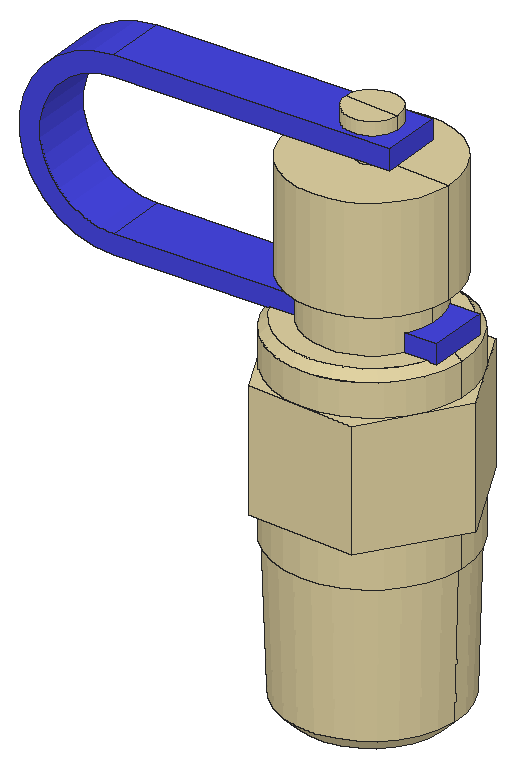
Revit family "HA00751008", category Apparecchi idraulici, Revit 2020
Family settings
  Quota connettore circolare = Usa diametro
  Tipo di parte = Normale
  Numero OmniClass = 23.45.00.00
  Titolo OmniClass = Sanitary, Laundry, and Cleaning Equipment
  Basato su piano di lavoro = No
  Sempre verticale = Sì
  Taglio con vuoti quando caricato = No
  Condiviso = No
  Punto di calcolo locali = No
Parameters
  URL = "https://web.cimberio.com/index.php/figura/640?subcategoria_id="
  Temperatura di esercizio = "-10 ÷ 120°C"
  Prospetto di default = 0 mm
  Produttore = "CIMBERIO SPA"
  Pressione nominale = "PN 25"
  Modello = "Cim 723"
  Materiale = "Prodotto in lega di ottone conforme alla norma EN 12165-CW617N-DW"
  Descrizione = "Utilizzato nei più svariati settori dell'impiantistica: impianti di riscaldamento, condizionamento, idrici, igienico-sanitari e in generale con ogni fluido non corrosivo"
  DN [instance] = 6.4 mm
  Commenti sul tipo = "Realizzato in ottemperanza ai requisiti gestionali della norma EN ISO 9001.\r\nCollaudato al 100% secondo la normativa EN 12266-1"
Reference planes
  plane 1 "Centro (Fronte/Retro)": y = 0
  plane 2: z = 0
  plane 3 "Centro (Sinistra/Destra)": x = 0
Forms (mm)
  Revolve 1, solid, material "Cim_Lega di ottone gialla filetto"
    sketch origin (0, 0, 0) x (1, 0, 0) y (0, 0, 1)
      loop
        line (0, 12) -> (-6.802, 12) -> (-6.452, 1.054) -> (-5.418, 0) -> (0, 0) -> (0, 12)
      axis (0, 12) -> (0, 0)
    angle from 0 to 360
  Revolve 2, solid, material "Cim_Lega di ottone gialla"
    sketch origin (0, 0, 0) x (1, 0, 0) y (0, 0, 1)
      loop
        line (-7, 15) -> (-7, 12) -> (0, 12) -> (0, 15) -> (-7, 15)
      axis (0, 15) -> (0, 12)
    angle from 0 to 360
  Extrusion 3, solid, material "Cim_Lega di ottone gialla"
    sketch origin (0, 0, 0) x (1, 0, 0) y (0, 1, 0)
      loop
        line (8.1, 0) -> (4.05, 7.015) -> (-4.05, 7.015) -> (-8.1, 0) -> (-4.05, -7.015) -> (4.05, -7.015) -> (8.1, 0)
    from 15 to 24
  Revolve 4, solid, material "Cim_Lega di ottone gialla"
    sketch origin (0, 0, 0) x (1, 0, 0) y (0, 0, 1)
      loop
        line (-7, 26.5) -> (-7, 24) -> (0, 24) -> (0, 27.142) -> (-6.358, 27.142) -> (-7, 26.5)
      axis (0, 27.142) -> (0, 24)
    angle from 0 to 360
  Revolve 5, solid, material "Cim_Lega di ottone gialla filetto"
    sketch origin (0, 0, 0) x (1, 0, 0) y (0, 0, 1)
      loop
        line (-4.755, 27.142) -> (0, 27.142) -> (0, 30.5) -> (-4.755, 30.5) -> (-4.755, 27.142)
      axis (0, 30.5) -> (0, 27.142)
    angle from 0 to 360
  Revolve 6, solid, material "Cim_Lega di ottone gialla filetto(1)"
    sketch origin (0, 0, 0) x (1, 0, 0) y (0, 0, 1)
      loop
        line (0, 38.5) -> (-6, 38.5) -> (-5.995, 30.5) -> (0, 30.5) -> (0, 38.5)
      axis (0, 38.5) -> (0, 30.5)
    angle from 0 to 360
  Revolve 7, solid, material "Cim_Lega di ottone gialla"
    sketch origin (0, 0, 0) x (1, 0, 0) y (0, 0, 1)
      loop
        line (-2.002, 42) -> (-2.002, 41) -> (-1.15, 41) -> (-1.15, 38.5) -> (0, 38.5) -> (0, 42) -> (-2.002, 42)
      axis (0, 42) -> (0, 38.5)
    angle from 0 to 360
  Extrusion 8, solid, material "Cim_Alluminio blu"
    sketch origin (-0.455, 2.82, 0) x (0.997757, 0.066939, 0) y (0, 0, 1)
      loop
        arc (-17.287, 41) -> (-24.273, 34) -> (-17.287, 27) r 7
        line (-17.287, 27) -> (6.75, 27) -> (6.75, 28.5) -> (-17.287, 28.5)
        arc (-17.287, 28.5) -> (-22.776, 34) -> (-17.287, 39.5) r 5.5
        line (-17.287, 39.5) -> (3.25, 39.5) -> (3.25, 41) -> (-17.287, 41)
    from 0.646 to 5.252
Dimensions and locks
  aligned and locked: level to plane 2
